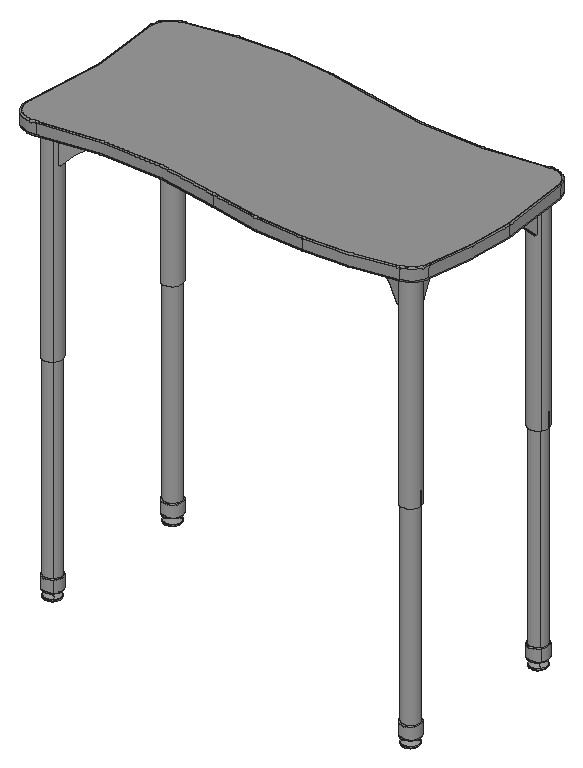
Revit family "Hierarchy Creator ADA Rectangle Desk - Standing Height", category Furniture, Revit 2018
Family settings
  Work Plane-Based = No
  Always vertical = Yes
  Cut with Voids When Loaded = No
  Shared = No
  Room Calculation Point = No
Parameters
  Surface = Hierarchy Creator ADA Rectangle Desk Standing Surface
  Leg Finish = Hierarchy Leg Platinum
  Edgeband = Hierarchy Creator ADA Rectangle Desk Standing Edgeband
  Desk Height = 3' - 5"
  Caster/Glide = Hierarchy Standing Leg - Glide : Hierarchy Standing Leg - Glide
Reference planes (in)
  plane 1 "Center (Front/Back)": y = 0
  plane 2: z = 0
  plane 3 "Center (Left/Right)": x = 0
  plane 4: z = 41
Dimensions and locks (in)
  "Desk Height": plane 4 to level
  aligned and locked: plane 2 to level
  aligned and locked: nested 1 to plane 4
Nested families (in)
  nested 1: "Creator Rectangle ADA Desk Tabletop" at (0.03125, 0, 27.97788), type "Creator Rectangle ADA Desk Tabletop"
  nested 2: "Hierarchy Standing Leg - Glide" at (-18.08345, 6.98092, 0) x (0.7059, 0.7084, 0) z (0, 0, 1), type <- "Caster/Glide", Leg Finish <- "Leg Finish", Leg Height <- "Desk Height", type "Hierarchy Standing Leg - Glide"
  nested 3: "Hierarchy Standing Leg - Glide" at (-17.92546, -7.74624, 0) x (-0.707, 0.7072, 0) z (0, 0, 1), type <- "Caster/Glide", Leg Finish <- "Leg Finish", Leg Height <- "Desk Height", type "Hierarchy Standing Leg - Glide"
  nested 4: "Hierarchy Standing Leg - Glide" at (17.37191, -8.53046, 0) x (-0.7259, -0.6878, 0) z (0, 0, 1), Leg Finish <- "Leg Finish", Leg Height <- "Desk Height", type "Hierarchy Standing Leg - Glide"
    with Leg Height 3' - 5", Leg Finish Hierarchy Leg Platinum
  nested 5: "Hierarchy Standing Leg - Glide" at (17.40103, 6.8839, 0) x (0.8147, -0.5799, 0) z (0, 0, 1), Leg Finish <- "Leg Finish", Leg Height <- "Desk Height", type "Hierarchy Standing Leg - Glide"
    with Leg Height 3' - 5", Leg Finish Hierarchy Leg Platinum
Definition of nested family "Creator Rectangle ADA Desk Tabletop"
  Parameters (values of type "Creator Rectangle ADA Desk Tabletop")
    Surface = none
    Edgeband = none
  Reference planes (in)
    plane 1 "Center (Front/Back)": y = 0
    plane 2: z = 0
    plane 3 "Center (Left/Right)": x = 0
  Forms (in)
    Extrusion 1, solid, material <- "Surface"
      sketch origin (0, 0, 0) x (1, 0, 0) y (0, 1, 0)
        loop
          arc (-20.21877, 6.62442) -> (-19.76026, 3.32508) -> (-19.56107, 0) r 42.58061
          arc (-19.56107, 0) -> (-19.67481, -3.82649) -> (-20.17322, -7.62208) r 37.97456
          arc (-20.17322, -7.62208) -> (-19.59874, -9.41646) -> (-17.78764, -9.93584) r 1.99857
          arc (-17.78764, -9.93584) -> (-9.07659, -9.06953) -> (-0.39168, -10.16738) r 39.01204
          arc (-0.39168, -10.16738) -> (4.32999, -10.99971) -> (9.11914, -11.2255) r 37.66552
          arc (9.11914, -11.2255) -> (13.40696, -10.92755) -> (17.6395, -10.17933) r 40.72324
          arc (17.6395, -10.17933) -> (18.60957, -9.63291) -> (19.13099, -8.64919) r 1.97856
          arc (19.13099, -8.64919) -> (19.77583, -4.34671) -> (19.95819, 0) r 40.73992
          arc (19.95819, 0) -> (19.74333, 3.59905) -> (19.18352, 7.16078) r 37.46464
          arc (19.18352, 7.16078) -> (18.31681, 8.43244) -> (16.80389, 8.71423) r 2.00343
          arc (16.80389, 8.71423) -> (8.11369, 7.85296) -> (-0.5523, 8.93103) r 39.3204
          arc (-0.5523, 8.93103) -> (-4.95722, 9.72056) -> (-9.42376, 9.99774) r 38.80876
          arc (-9.42376, 9.99774) -> (-14.10154, 9.74179) -> (-18.71673, 8.93735) r 39.75645
          arc (-18.71673, 8.93735) -> (-19.93188, 8.0823) -> (-20.21877, 6.62442) r 1.99462
      from 13.02212 to 14.27206
    Sweep 2, solid, material <- "Edgeband"
      path origin (0, 0, 0) x (1, 0, 0) y (0, 1, 0)
        loop
          arc (-0.5523, 8.93103) -> (-4.95722, 9.72056) -> (-9.42376, 9.99774) r 38.80876
          arc (-9.42376, 9.99774) -> (-14.10154, 9.74179) -> (-18.71673, 8.93735) r 39.75645
          arc (-18.71673, 8.93735) -> (-19.93188, 8.0823) -> (-20.21877, 6.62442) r 1.99462
          arc (-20.21877, 6.62442) -> (-19.76026, 3.32508) -> (-19.56107, 0) r 42.58061
          arc (-19.56107, 0) -> (-19.67481, -3.82649) -> (-20.17322, -7.62208) r 37.97456
          arc (-20.17322, -7.62208) -> (-19.59874, -9.41646) -> (-17.78764, -9.93584) r 1.99857
          arc (-17.78764, -9.93584) -> (-9.07659, -9.06953) -> (-0.39168, -10.16738) r 39.01204
          arc (-0.39168, -10.16738) -> (4.32999, -10.99971) -> (9.11914, -11.2255) r 37.66552
          arc (9.11914, -11.2255) -> (13.40696, -10.92755) -> (17.6395, -10.17933) r 40.72324
          arc (17.6395, -10.17933) -> (18.60957, -9.63291) -> (19.13099, -8.64919) r 1.97856
          arc (19.13099, -8.64919) -> (19.77583, -4.34671) -> (19.95819, 0) r 40.73992
          arc (19.95819, 0) -> (19.74333, 3.59905) -> (19.18352, 7.16078) r 37.46464
          arc (19.18352, 7.16078) -> (18.31681, 8.43244) -> (16.80389, 8.71423) r 2.00343
          arc (16.80389, 8.71423) -> (8.11369, 7.85296) -> (-0.5523, 8.93103) r 39.3204
      profile origin (-4.95722, 9.72056, 0) x (-0.119381, -0.992849, 0) y (0, 0, 1)
        loop
          line (0, 13.02218) -> (0, 14.27206)
          arc (0, 14.27206) -> (-0.08841, 14.23311) -> (-0.12472, 14.14358) r 0.12854
          line (-0.12472, 14.14358) -> (-0.12472, 13.15066)
          arc (-0.12472, 13.15066) -> (-0.08841, 13.06113) -> (0, 13.02218) r 0.12854
  Dimensions and locks (in)
    aligned and locked: plane 2 to level
Definition of nested family "Hierarchy Standing Leg - Glide"
  Parameters (values of type "Hierarchy Standing Leg - Glide")
    Leg Finish [instance] = none
    Leg Height [instance] = 3' - 5"
  Reference planes (in)
    plane 1 "Center (Front/Back)": y = 0
    plane 2: z = 0
    plane 3 "Center (Left/Right)": x = 0
  Forms (in)
    Extrusion 1, solid
      sketch origin (-0.01562, 0, 0) x (1, 0, 0) y (0, 1, 0)
        loop
          circle (0.01563, 0) r 0.79147
      from 2 to 23.175
    Revolve 2, solid
      sketch origin (0, 0, 0) x (1, 0, 0) y (0, 0, 1)
        loop
          line (0, 2) -> (0, 0.74937) -> (0.84838, 0.74937)
          arc (0.84838, 0.74937) -> (0.89342, 0.76803) -> (0.91207, 0.81306) r 0.06369
          line (0.91207, 0.81306) -> (0.91207, 1.93631)
          arc (0.91207, 1.93631) -> (0.89342, 1.98134) -> (0.84838, 2) r 0.06369
          line (0.84838, 2) -> (0, 2)
        axis (0, 2) -> (0, 0.74937)
      angle from 0 to 360
    Revolve 3, solid
      sketch origin (0, 0, 0) x (1, 0, 0) y (0, 0, 1)
        loop
          line (0, 0.75) -> (0, 0) -> (0.74583, 0) -> (0.79147, 0.09013) -> (0.79147, 0.16241) -> (0.12474, 0.5) -> (0.12474, 0.75) -> (0, 0.75)
        axis (0, 0.75) -> (0, 0)
      angle from 0 to 360
  Dimensions and locks (in)
    "Leg Height": nested 1 to level
    aligned and locked: plane 2 to level
  Automatic sketch dimensions
    plane 1 "Center (Front/Back)" to Extrusion 1 sketch curve = 0' - 0"
    Extrusion 1 sketch curve to plane 3 "Center (Left/Right)" = 0' - 0"
    Revolve 2 sketch curve to plane 3 "Center (Left/Right)" = 0' - 0"  (x2)
    plane 3 "Center (Left/Right)" to Revolve 2 sketch curve = 0' - 0.84838"
    Revolve 2 sketch curve to Revolve 2 sketch curve = 0' - 0.84838"
    Revolve 2 sketch curve to Revolve 2 sketch curve = 0' - 0.06369"
    level to Revolve 2 sketch curve = 0' - 0.74937"
    Revolve 2 sketch curve to Revolve 2 sketch curve = 0' - 1.12324"
    Revolve 2 sketch curve to Revolve 2 sketch curve = 0' - 0.13731"
    Revolve 2 sketch curve to Revolve 2 sketch curve = 0' - 0 3/4"
    Revolve 3 sketch curve to plane 3 "Center (Left/Right)" = 0' - 0"  (x2)
    Revolve 3 sketch curve to level = 0' - 0"
    plane 3 "Center (Left/Right)" to Revolve 3 sketch curve = 0' - 0.12474"
    plane 3 "Center (Left/Right)" to Revolve 3 sketch curve = 0' - 0.74583"
    Revolve 3 sketch curve to Revolve 3 sketch curve = 0' - 0.04564"
    level to Revolve 3 sketch curve = 0' - 0.09013"
    Revolve 3 sketch curve to Revolve 3 sketch curve = 0' - 0.07228"
    level to Revolve 3 sketch curve = 0' - 0 1/2"
    Revolve 3 sketch curve to Revolve 3 sketch curve = 0' - 0 1/4"
    Revolve 3 sketch curve to level = 0' - 0 1/8"
    Revolve 3 sketch curve to Revolve 3 sketch curve = 0' - 0 1/8"
    radius of Extrusion 1 sketch curve = 0' - 0.79147"
  Nested families (in)
    nested 1: "Hierarchy Standing Upper Leg 2023" at (0, 0, 0.19983), Leg Finish <- "Leg Finish", type "Hierarchy Standing Upper Leg 2023"
      with Leg Finish none
  Definition of nested family "Hierarchy Standing Upper Leg 2023"
    Parameters (values of type "Hierarchy Standing Upper Leg 2023")
      Leg Finish [instance] = none
    Reference planes (in)
      plane 1 "Center (Front/Back)": y = 0
      plane 2: z = 0
      plane 3 "Center (Left/Right)": x = 0
    Forms (in)
      Extrusion 1, solid, material <- "Leg Finish"
        sketch origin (0, 0, 0) x (1, 0, 0) y (0, 1, 0)
          loop
            circle (0, 0) r 0.9129
        from 20.67418 to 40.67418
      Extrusion 2, solid, material <- "Leg Finish"
        sketch origin (0, 0, 12.998) x (1, 0, 0) y (0, 1, 0)
          loop
            line (-1.70174, 0.19183) -> (-3.96611, -4.49738)
            arc (-3.96611, -4.49738) -> (-3.91977, -5.33444) -> (-3.18615, -5.74016) r 0.86614
            line (-3.18615, -5.74016) -> (3.18615, -5.74016)
            arc (3.18615, -5.74016) -> (3.91977, -5.33444) -> (3.96611, -4.49738) r 0.86614
            line (3.96611, -4.49738) -> (1.70174, 0.19183)
            arc (1.70174, 0.19183) -> (0, 1.25984) -> (-1.70174, 0.19183) r 1.88976
        from 27.67618 to 27.80217
      Extrusion 3, solid, material <- "Leg Finish"
        sketch origin (12.41967, 1.58692, 0) x (0.434844, 0.900506, 0) y (0, 0, 1)
          loop
            arc (-12.68776, 40.67418) -> (-12.80559, 40.56418) -> (-12.70394, 40.43908) r 0.11811
            arc (-12.70394, 40.43908) -> (-9.98192, 39.53509) -> (-7.76426, 37.71614) r 7.87402
            arc (-7.76426, 37.71614) -> (-7.63344, 37.68136) -> (-7.55587, 37.79229) r 0.11811
            line (-7.55587, 37.79229) -> (-7.55587, 40.67418) -> (-12.68776, 40.67418)
        from -11.10976 to -10.98378
      Extrusion 4, solid, material <- "Leg Finish"
        sketch origin (-12.41967, 1.58692, 0) x (-0.434844, 0.900506, 0) y (0, 0, -1)
          loop
            line (-12.68776, -40.67418) -> (-7.55587, -40.67418) -> (-7.55587, -37.79229)
            arc (-7.55587, -37.79229) -> (-7.63344, -37.68136) -> (-7.76426, -37.71614) r 0.11811
            arc (-7.76426, -37.71614) -> (-9.98192, -39.53509) -> (-12.70394, -40.43908) r 7.87402
            arc (-12.70394, -40.43908) -> (-12.80559, -40.56418) -> (-12.68776, -40.67418) r 0.11811
        from -11.10976 to -10.98378
    Dimensions and locks (in)
      aligned and locked: plane 2 to level
